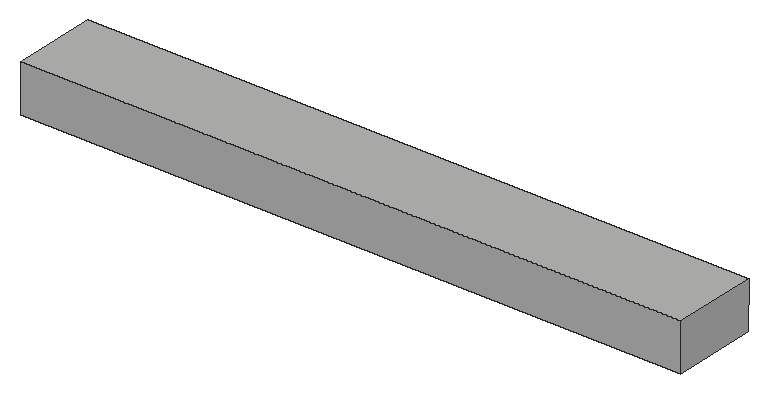
Revit family "Lum_Teto_Retangular", category Lighting Fixtures, host Ceiling, Revit 2025
Family settings
  Host = Ceiling
  Round Connector Dimension = Use Diameter
  Part Type = Normal
  OmniClass Number = 23.80.70.11
  OmniClass Title = Luminaries for Internal Lighting
  Always vertical = Yes
  Cut with Voids When Loaded = No
  Light Source = Yes
  Maintain Annotation Orientation = No
  Shared = No
  Room Calculation Point = Yes
Parameters (values of type "LIMI_T")
  Wattage = 16.1571 W
  built-in parameter 1150110 = 1 (stored number, unit not read)
  built-in parameter 1114217 = 1 (stored number, unit not read)
  built-in parameter 1150109 = 1 (stored number, unit not read)
  built-in parameter 1150134 = (empty or 0)
  built-in parameter 1150113 = 1 (stored number, unit not read)
  Lumens = 2400 lm
  built-in parameter 1150115 = 1 (stored number, unit not read)
  built-in parameter 1150105 = 763.94 (stored number, unit not read)
  Light Source Symbol Size = 0.100 m
  built-in parameter 1150137 = (empty or 0)
  built-in parameter 1150139 = (empty or 0)
  built-in parameter 1150112 = 1 (stored number, unit not read)
  built-in parameter 1150114 = 1 (stored number, unit not read)
  L = 0.160 m
  built-in parameter 1150132 = 2
  built-in parameter 1150102 = (empty or 0)
  built-in parameter 1150138 = (empty or 0)
  built-in parameter 1150107 = 3000 (stored number, unit not read)
  built-in parameter 1150106 = 7.6394 (stored number, unit not read)
  built-in parameter 1150126 = 1.000 m
  built-in parameter 1150104 = 13.8 (stored number, unit not read)
  Dimming Lamp Color Temperature Shift = <None>
  Diffuser = Opal Diffuser
  Default Elevation = 0.000 m
  Color Filter = 16777215
  C = 1.250 m
  Body = Aluminum Housing
  Emit from Line Length = 0.3048 m
  built-in parameter 1150133 = 10 (stored number, unit not read)
  A = 0.090 m
Reference planes (m)
  plane 1 "Light Source Axis (F/B)": y = 0
  plane 2 "Ceiling": z = 2.4384
  plane 3 "Light Source Axis (L/R)": x = 0
  plane 4 "Light Source Elevation": z = 2.3484
Forms (m)
  Extrusion 1, solid, material "Aluminum Housing" <- "Body"
    sketch origin (0, 0, 2.3484) x (0, -1, 0) y (1, 0, 0)
      loop
        line (-0.08, -0.625) -> (0.08, -0.625) -> (0.08, 0.625) -> (-0.08, 0.625) -> (-0.08, -0.625)
    from 0 to 0.09
Dimensions and locks (m)
  equal spacing: host sketch curve, plane 3 "Light Source Axis (L/R)", host sketch curve
  equal spacing: host sketch curve, plane 1 "Light Source Axis (F/B)", host sketch curve
  host sketch curve to host sketch curve = 3.048 m  (x2)
  equal spacing: Extrusion 1, plane 3 "Light Source Axis (L/R)", Extrusion 1
  equal spacing: Extrusion 1, plane 1 "Light Source Axis (F/B)", Extrusion 1
  "C": Extrusion 1 to Extrusion 1
  "L": Extrusion 1 to Extrusion 1
  "A": plane 2 "Ceiling" to plane 4 "Light Source Elevation"
  aligned and locked: imposter light to plane 3 "Light Source Axis (L/R)"
  aligned and locked: plane 1 "Light Source Axis (F/B)" to imposter light
  aligned and locked: plane 4 "Light Source Elevation" to imposter light
  aligned and locked: plane 2 "Ceiling" to Extrusion 1
Automatic sketch dimensions
  Extrusion 1 sketch curve to plane 1 "Light Source Axis (F/B)" = 0.080 m
  plane 1 "Light Source Axis (F/B)" to Extrusion 1 sketch curve = 0.080 m
  Extrusion 1 sketch curve to plane 3 "Light Source Axis (L/R)" = 0.625 m
  plane 3 "Light Source Axis (L/R)" to Extrusion 1 sketch curve = 0.625 m
